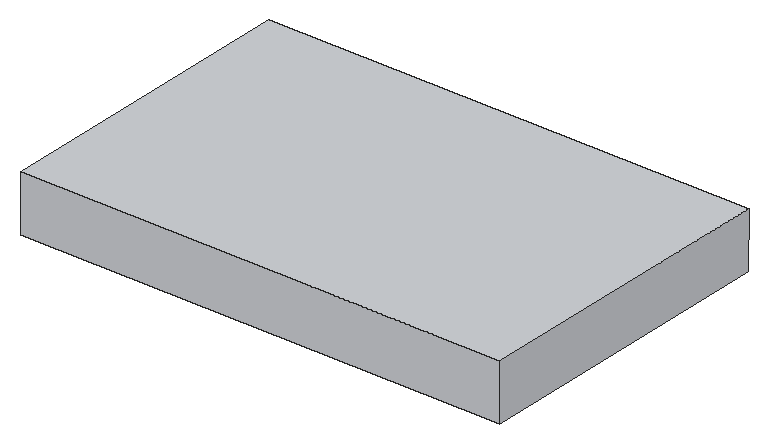
Revit family "Cab_Base", category Casework, Revit 2019
Family settings
  Work Plane-Based = Yes
  Always vertical = Yes
  Cut with Voids When Loaded = No
  Shared = No
  Room Calculation Point = No
Parameters
  oWctrl = 0' - 0"
  oW = 2' - 10"
  oHctrl = 0' - 0"
  oH = 0' - 4"
  oDctrl = 0' - 0"
  oD = 1' - 9.96574"
  bT = 0' - 0 3/16"
  Default Elevation = 4' - 0"
Reference planes (in)
  plane 1 "Center (Front/Back)": y = 0
  plane 2: z = 0
  plane 3 "Center (Left/Right)": x = 0
  plane 4: y = -21.96574
  plane 5: x = -17
  plane 6: x = 17
  plane 7: z = 4
  plane 8: y = -21.77824
  plane 9: y = -21.02824
Forms (in)
  Sweep 1, solid
    path origin (0, 0, 0) x (1, 0, 0) y (0, 1, 0)
      loop
        line (-17, 0) -> (17, 0)
    profile origin (0, 0, 0) x (0, 1, 0) y (0, 0, 1)
      loop
        line (-21.96574, 0) -> (0, 0) -> (0, 4) -> (-21.96574, 4) -> (-21.96574, 0)
Lines and regions (in)
  symbolic lines, style "05"
    curve 1: line (0, -21.96574, 0) -> (0, -21.96574, 4)
Dimensions and locks (in)
  "oD": plane 1 "Center (Front/Back)" to plane 4
  equal spacing: plane 5, plane 3 "Center (Left/Right)", plane 6
  "oW": plane 5 to plane 6
  "oH": plane 7 to plane 2
  "bT": plane 4 to plane 8
  locked: plane 8 to plane 9 at 0.75
  aligned and locked: plane 2 to level
  aligned and locked: plane 5 to Sweep 1 sketch curve
  aligned and locked: plane 6 to Sweep 1 sketch curve
  aligned and locked: plane 1 "Center (Front/Back)" to Sweep 1 sketch curve  (x2)
  aligned and locked: plane 4 to Sweep 1 sketch curve
  aligned and locked: plane 2 to Sweep 1 sketch curve
  aligned and locked: Sweep 1 sketch curve to plane 7
  aligned and locked: plane 9 to nested 1
  aligned and locked: nested 1 to plane 7
  aligned and locked: plane 2 to nested 1
  aligned and locked: level to nested 2
  aligned and locked: nested 2 to plane 9
  aligned and locked: nested 3 to plane 7
  aligned and locked: plane 1 "Center (Front/Back)" to nested 3
  aligned and locked: level to curve 1
  aligned and locked: plane 7 to curve 1
  aligned and locked: plane 4 to curve 1
Nested families (in)
  nested 1: "Plywood" at (0, -21.02824, 4) x (0, 0, -1) z (1, 0, 0), type "Plywood", detail levels fine
    with built-in parameter 1001306 0.33333 (stored number, unit not read)
  nested 2: "Blocking_Continuous_FixedDims" at (0, -21.02824, 0) x (0, 0, 1) z (1, 0, 0), type "Blocking_Continuous_FixedDims", detail levels fine
  nested 3: "Blocking_Continuous_FixedDims" at (0, 0, 4) x (0, 0, -1) z (1, 0, 0), type "Blocking_Continuous_FixedDims", detail levels fine
Definition of nested family "Plywood"
  Parameters (values of type "Plywood")
    oD = 0' - 0 3/4"
    built-in parameter 1001306 [instance] = 4' - 0"
  Reference planes (in)
    plane 1 "Center (Front/Back)": y = 0
    plane 2: z = 0
    plane 3 "Left": x = 0
    plane 4 "Right": x = 48
    plane 5: y = -0.75
  Lines and regions (in)
    Filled region 1, type "SKA Plywood Horizontal TR", in view "Ref. Level"
      outline origin (0, 0, 0) x (1, 0, 0) y (0, 1, 0)
        loop
          line (0, 0) -> (0, -0.75) -> (48, -0.75) -> (48, 0) -> (0, 0)
    reference lines, in view "Ref. Level"
      curve 1: line (0, 0, 0) -> (48, 0, 0)
  Dimensions and locks (in)
    "built-in parameter 1001306": plane 3 "Left" to plane 4 "Right"
    "oD": plane 5 to plane 1 "Center (Front/Back)"
    aligned and locked: plane 1 "Center (Front/Back)" to curve 1
    aligned and locked: plane 4 "Right" to curve 1
    aligned and locked: plane 3 "Left" to curve 1
    aligned and locked: Filled region 1 sketch curve to curve 1
    aligned and locked: plane 3 "Left" to Filled region 1 sketch curve
    aligned and locked: plane 5 to Filled region 1 sketch curve
    aligned and locked: plane 4 "Right" to Filled region 1 sketch curve
Definition of nested family "Blocking_Continuous_FixedDims"
  Parameters (values of type "Blocking_Continuous_FixedDims")
    oWctrl = 0' - 0"
    oW = 1' - 3.24203"
    oHctrl = 0' - 0"
    oH = 0' - 0"
    oDctrl = 0' - 0"
    oD = 0' - 5.16679"
  Reference planes (in)
    plane 1 "Center (Front/Back)": y = 0
    plane 2: z = 0
    plane 3 "Center (Left/Right)": x = 0
    plane 4: y = -5.16679
    plane 5: x = 15.24203
    plane 6: y = -2.5834
    plane 7: x = 7.62102
  Lines and regions (in)
    Filled region 1, type "Solid Fill - White", in view "Ref. Level"
      outline origin (0, 0, 0) x (1, 0, 0) y (0, 1, 0)
        loop
          line (0, 0) -> (0, -5.16679) -> (15.24203, -5.16679) -> (15.24203, 0) -> (0, 0)
    detail lines, in view "Ref. Level"
      curve 1: line (0, 0, 0) -> (15.24203, -5.16679, 0)
      curve 2: line (0, -5.16679, 0) -> (15.24203, 0, 0)
  Dimensions and locks (in)
    "oD": plane 4 to plane 1 "Center (Front/Back)"
    "oW": plane 3 "Center (Left/Right)" to plane 5
    equal spacing: plane 3 "Center (Left/Right)", plane 7, plane 5
    equal spacing: plane 4, plane 6, plane 1 "Center (Front/Back)"
    aligned and locked: plane 1 "Center (Front/Back)" to Filled region 1 sketch curve
    aligned and locked: plane 3 "Center (Left/Right)" to Filled region 1 sketch curve
    aligned and locked: plane 4 to Filled region 1 sketch curve
    aligned and locked: plane 5 to Filled region 1 sketch curve
    aligned and locked: plane 1 "Center (Front/Back)" to Filled region 1
    aligned and locked: plane 5 to curve 2
    aligned and locked: plane 4 to curve 1
    aligned and locked: plane 5 to curve 1
    aligned and locked: plane 1 "Center (Front/Back)" to curve 1
    aligned and locked: plane 3 "Center (Left/Right)" to curve 1
    aligned and locked: plane 3 "Center (Left/Right)" to curve 2
    aligned and locked: plane 4 to curve 2
  Automatic sketch dimensions
    plane 1 "Center (Front/Back)" to curve 2 = 0' - 0"
